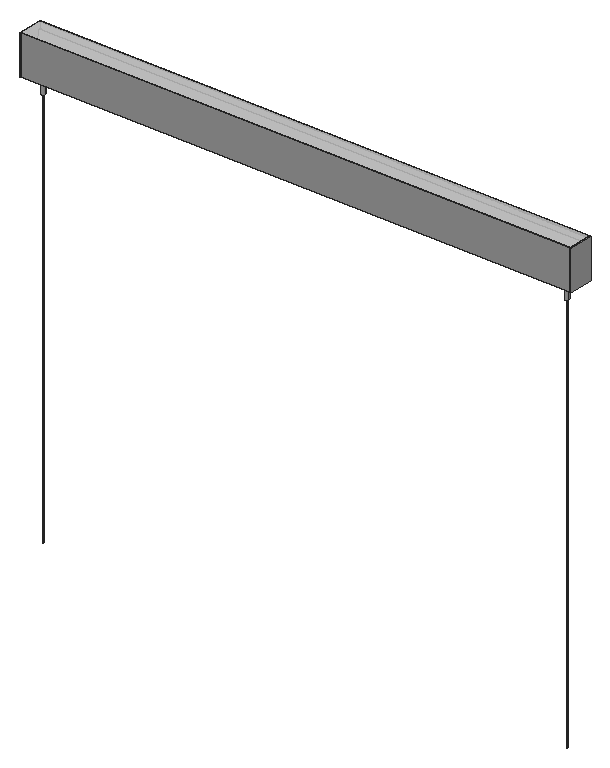
Revit family "2093148 Sylvania Lighting Fixture MC2-KIT 1-2M 3K DALIEM WHT OPAL", category Lighting Fixtures, host Face, Revit 2016
Family settings
  Host = Face
  Part Type = Normal
  Round Connector Dimension = Use Diameter
  OmniClass Number = 23.80.70.11.17
  OmniClass Title = Specialized Lighting by Location or Use
  Cut with Voids When Loaded = No
  Light Source = Yes
  Shared = No
  Room Calculation Point = No
Parameters (values of type "2093148 MC2-KIT 1.2M 3K DALIEM WHT OPAL Emergency mode")
  Width_SYL = 54.0 mm
  Weight = "3.8 kg"
  Wattage = 23.97 W
  WarrantyStartDate [instance] = "n/a"
  WarrantyGuarantorParts = "n/a"
  WarrantyDurationUnit = "n/a"
  WarrantyDurationParts = "n/a"
  WarrantyDescription = "n/a"
  built-in parameter 1150110 = 1 (stored number, unit not read)
  Voltage = 0 V
  URL = "http://www.sylvania-lighting.com"
  TypeName = "MC2-KIT 1.2M 3K DALIEM WHT OPAL Emergency mode"
  built-in parameter 1114217 = 1 (stored number, unit not read)
  Tilt Angle = -90.00°
  built-in parameter 1150109 = 1 (stored number, unit not read)
  built-in parameter 1150134 = (empty or 0)
  built-in parameter 1150113 = 1 (stored number, unit not read)
  SerialNumber [instance] = "n/a"
  PowerFactor = 0.98
  PowerConsumption = "23.97 W"
  NominalWidth = 0.0 mm
  NominalLength = 1200.0 mm
  NominalHeight = 86.0 mm
  Name = "MC2-KIT 1.2M 3K DALIEM WHT OPAL Emergency mode"
  ModelReference = "MC2-KIT 1.2M 3K DALIEM WHT OPAL"
  ModelNumber = "2093148"
  Material_3_SYL = Metal_Sylvania_Mini Contiuum II_Silver
  Photometric Web File = "2093148EM.ies"
  Material_4_SYL = Metal_Sylvania_Mini Contiuum II_Silver
  MountingHeight_SYL [instance] = 1000.0 mm
  Material = "aluminium housing, polycarbonate diffuser"
  ManufacturerName = "Feilo Sylvania"
  LuminousEfficacy = "5.047 lm/W"
  LuminaireType = ""
  LightOutputRatio = "100"
  Length_SYL = 1200.0 mm
  LampsType = Lamp  # "LED"
  LampNominalLuminous = "121 lm"
  LampMacAdamStep = "3"
  LampColourTemperature = "3000 K"
  LampColourRenderingIndex = "80"
  Keynote = "16500"
  InstallationDate [instance] = "n/a"
  InputVoltage = "n/a"
  InputNominalFrequency = "n/a"
  IngressProtection = "IP20"
  ImpactProtectionIndex = "n/a"
  IfcExportType = "IfcLightFixtureType"
  IfcExportAs = "IfcLightFixtureType"
  Height_SYL = 86.0 mm
  ExpectedLife = 50000
  Emit from Rectangle Width = Width_SYL - 2.0 mm  # 52.0 mm
  Emit from Rectangle Length = Length_SYL  # 1200.0 mm
  Emit Shape Visible in Rendering = no
  ElectricShockClassification = "Class I"
  DurationUnit = "hours"
  DocumentationLiterature = "http://www.sylvania-lighting.com/product/en-int/products/2093148"
  DimmingControlOptions = "n/a"
  CreatedOn = "10/15/2018"
  CreatedBy = "@sylvania-lighting.com"
  built-in parameter 1114216 [instance] = 1 (stored number, unit not read)
  Model = "MC2-KIT 1.2M 3K DALIEM WHT OPAL"
  Manufacturer = "Feilo Sylvania"
  built-in parameter 1150105 = 9.6289 (stored number, unit not read)
  Lumens = 121 lm
  built-in parameter 1150115 = 1 (stored number, unit not read)
  built-in parameter 1150137 = (empty or 0)
  built-in parameter 1150139 = (empty or 0)
  built-in parameter 1150112 = 1 (stored number, unit not read)
  built-in parameter 1150114 = 1 (stored number, unit not read)
  Lamp = "LED"
  built-in parameter 1150132 = 2
  built-in parameter 1150102 = (empty or 0)
  built-in parameter 1150107 = 3000 (stored number, unit not read)
  built-in parameter 1150138 = (empty or 0)
  built-in parameter 1150106 = 0.096289 (stored number, unit not read)
  Material_1_SYL = Metal_Sylvania_Mini Continuum II_White
  built-in parameter 1150104 = 0.46897 (stored number, unit not read)
  Dimming Lamp Color Temperature Shift = <None>
  Material_2_SYL = Polycarbonate_Sylvania_Mini Continuum II_Opal_4000K
  Description = "2093148   MC2-KIT 1.2M 3K DALIEM WHT OPAL  Continuous lines of LED light, white RAL 9016, direct distribution, suspended kit version is pre-wired and supplied complete with end caps and suspension cables, compact and minimalist design based on the Golden Mean, ideal for offices, meeting rooms, corridors, education facilities, museums and libraries, extruded aluminium body, diffuser: opal, colour temperature: 3000K warm white, total system power: 24W, total fixture output: 2207lm, emergency output: 109lm, luminaire efficacy: 92lm/W, LOR: 100%, colour rendering: Ra >80, LED Chromacity: 1 step MacAdam ellipse, lifetime: 60,000 hours at 90% of the original output (L90), energy class: A++, A+, A, IR/UV free light source without heat radiation, operating voltage: 220-240V / 50-60Hz, drive current: 800mA, electronic driver, DALI dimmable, integral emergency: 3 hour maintained, electrical protection: CLASS I, IP20, suitable for internal environment only."
  Default Elevation = 0.0 mm
  Color Filter = 16777215
  built-in parameter 1140040 [instance] = 1
  BarCode [instance] = "n/a"
  built-in parameter 1114218 = 1 (stored number, unit not read)
  built-in parameter 1150133 = 10 (stored number, unit not read)
  AssetType = "Fixed"
  AssetIdentifier [instance] = "n/a"
  Assembly Code = "D5020200"
  Apparent Load = 23.97 VA
Types (2, lengths in mm): name | TypeName | Name | Photometric Web File | LuminousEfficacy | LampNominalLuminous | built-in parameter 1150105 | Lumens | built-in parameter 1150106 | built-in parameter 1150104
  2093148 MC2-KIT 1.2M 3K DALIEM WHT OPAL Emergency mode | "MC2-KIT 1.2M 3K DALIEM WHT OPAL Emergency mode" | "MC2-KIT 1.2M 3K DALIEM WHT OPAL Emergency mode" | "2093148EM.ies" | "5.047 lm/W" | "121 lm" | 9.6289 (stored number, unit not read) | 121 lm | 0.096289 (stored number, unit not read) | 0.46897 (stored number, unit not read)
  2093148 MC2-KIT 1.2M 3K DALIEM WHT OPAL | "MC2-KIT 1.2M 3K DALIEM WHT OPAL" | "MC2-KIT 1.2M 3K DALIEM WHT OPAL" | "2093148.ies" | "92 lm/W" | "2207 lm" | 175.49 (stored number, unit not read) | 2205.24 lm | 1.7549 (stored number, unit not read) | 8.5471 (stored number, unit not read)
Reference planes
  plane 1 "Center (Front/Back)": y = 0
  plane 2 "Bottom Fixtures": z = 0
  plane 3 "Center (Left/Right)": x = 0
  plane 4 "Fixture Left": x = -600
  plane 5 "Fixture Right": x = 600
  plane 6 "Fixture Bottom": z = 1000
  plane 7: z = 998
  plane 8: z = 996
  plane 9: z = 986.951
  plane 10: z = 956.951
  plane 11 "Fixture Top": z = 914
  plane 12 "Mounting Right": x = 572
  plane 13 "Mounting Left": x = -572
  plane 14: z = 879
  plane 15: y = 27
  plane 16: y = -27
  plane 17: y = -26
  plane 18: y = -25
  plane 19: y = 26
  plane 20: y = 25
  plane 21: y = 11
  plane 22: y = -11
  plane 23: y = 24
  plane 24: y = 22
  plane 25: y = -22
  plane 26: y = 15
  plane 27: y = -15
  plane 28 "Upper Diffuser Left": x = -450
  plane 29 "Upper Diffuser Right": x = 450
  plane 30: x = -602
  plane 31: x = 602
Forms (mm)
  Extrusion 1, solid, material "Metal_Sylvania_Mini Continuum II_White" <- "Material_1_SYL", detail levels fine
    sketch origin (0, 0, 520) x (0, 1, 0) y (0, 0, 1)
      loop
        line (27, 480) -> (26, 480) -> (26, 478) -> (25, 478) -> (25, 396) -> (13, 396) -> (13, 398) -> (-13, 398) -> (-13, 396) -> (-25, 396) -> (-25, 478) -> (-26, 478) -> (-26, 480) -> (-27, 480) -> (-27, 394) -> (-11, 394) -> (-11, 396) -> (11, 396) -> (11, 394) -> (27, 394) -> (27, 480)
    from -600 to 600
  Extrusion 2, solid, material "Polycarbonate_Sylvania_Mini Continuum II_Opal_4000K" <- "Material_2_SYL", detail levels fine
    sketch origin (0, 0, 520) x (0, 1, 0) y (0, 0, 1)
      loop
        line (-26, 480) -> (-26, 478) -> (26, 478) -> (26, 480) -> (-26, 480)
    from -600 to 600
  Extrusion 3, solid, material "Metal_Sylvania_Mini Contiuum II_Silver" <- "Material_3_SYL", detail levels fine
    sketch origin (0, 0, 520) x (0, 1, 0) y (0, 0, 1)
      loop
        line (22, 466.951) -> (20.973, 466.951) -> (14.206, 437.951) -> (11, 437.951) -> (11, 436.951) -> (15, 436.951) -> (22, 466.951)
      loop
        line (-15, 436.951) -> (-11, 436.951) -> (-11, 437.951) -> (-14.206, 437.951) -> (-20.973, 466.951) -> (-22, 466.951) -> (-15, 436.951)
    from -600 to 600
  Extrusion 4, solid, material "Metal_Sylvania_Mini Continuum II_White" <- "Material_1_SYL", detail levels coarse+medium
    sketch origin (0, 0, 520) x (0, 1, 0) y (0, 0, 1)
      loop
        line (-27, 480) -> (-27, 394) -> (27, 394) -> (27, 480) -> (-27, 480)
    from -600 to 600
  Extrusion 5, solid, material "Metal_Sylvania_Mini Contiuum II_Silver" <- "Material_4_SYL", detail levels fine
    sketch origin (0, 0, -86) x (-1, 0, 0) y (0, -1, 0)
      loop
        circle (572, 0) r 4
      loop
        circle (-572, 0) r 4
    from 965 to 1002
  Extrusion 6, solid, material "Metal_Sylvania_Mini Contiuum II_Silver" <- "Material_4_SYL", detail levels fine
    sketch origin (0, 0, -86) x (-1, 0, 0) y (0, -1, 0)
      loop
        circle (-572, 0) r 1
      loop
        circle (572, 0) r 1
    from 86 to 965
  Extrusion 7, solid, material "Metal_Sylvania_Mini Continuum II_White" <- "Material_1_SYL"
    sketch origin (-600, 171.684, 1219.2) x (0, 1, 0) y (0, 0, 1)
      loop
        line (-198.684, -305.2) -> (-144.684, -305.2) -> (-144.684, -219.2) -> (-198.684, -219.2) -> (-198.684, -305.2)
    from 0 to -2
  Extrusion 8, solid, material "Metal_Sylvania_Mini Continuum II_White" <- "Material_1_SYL"
    sketch origin (600, 171.684, 1219.2) x (0, 1, 0) y (0, 0, -1)
      loop
        line (-144.684, 219.2) -> (-144.684, 305.2) -> (-198.684, 305.2) -> (-198.684, 219.2) -> (-144.684, 219.2)
    from 0 to -2
Lines and regions (mm)
  Masking region 1
    outline origin (0, 0, -86) x (-1, 0, 0) y (0, -1, 0)
      loop
        line (600, -27) -> (600, 27) -> (-600, 27) -> (-600, -27) -> (600, -27)
  symbolic lines, detail levels fine
    curve 1: line (-600, 26, -86) -> (600, 26, -86)
    curve 2: line (-600, -26, -86) -> (600, -26, -86)
  model lines, detail levels coarse+medium
    curve 3: line (-572, 0, 914) -> (-572, 0, 0)
    curve 4: line (572, 0, 914) -> (572, 0, 0)
Dimensions and locks
  host sketch curve to plane 3 "Center (Left/Right)" to host sketch curve = 820.0 mm, 775.047 mm
  equal spacing: plane 4 "Fixture Left", plane 3 "Center (Left/Right)", plane 5 "Fixture Right"
  "Length_SYL": plane 4 "Fixture Left" to plane 5 "Fixture Right"
  plane 6 "Fixture Bottom" to plane 7 to plane 8 to plane 9 to plane 10 = 2.0 mm locked, 2.0 mm locked, 9.049 mm locked, 30.0 mm locked
  locked: Extrusion 1 sketch curve to Extrusion 1 sketch curve at 2
  locked: Extrusion 1 sketch curve to plane 11 "Fixture Top" at 2
  "Height_SYL": plane 6 "Fixture Bottom" to plane 11 "Fixture Top"
  locked: plane 12 "Mounting Right" to plane 5 "Fixture Right" at 28
  locked: plane 4 "Fixture Left" to plane 13 "Mounting Left" at 28
  locked: plane 11 "Fixture Top" to plane 14 at 35
  "MountingHeight_SYL": plane 6 "Fixture Bottom" to plane 2 "Bottom Fixtures"
  equal spacing: plane 15, plane 1 "Center (Front/Back)", plane 16
  "Width_SYL": plane 15 to plane 16
  plane 22 to plane 27 to plane 25 to plane 18 to plane 17 to plane 16 = 4.0 mm locked, 7.0 mm locked, 3.0 mm locked, 1.0 mm locked, 1.0 mm locked
  plane 15 to plane 19 to plane 20 to plane 23 to plane 24 to plane 26 to plane 21 = 1.0 mm locked, 1.0 mm locked, 1.0 mm locked, 2.0 mm locked, 7.0 mm locked, 4.0 mm locked
  locked: plane 4 "Fixture Left" to plane 28 "Upper Diffuser Left" at 150
  locked: plane 29 "Upper Diffuser Right" to plane 5 "Fixture Right" at 150
  equal spacing: plane 30, plane 3 "Center (Left/Right)", plane 31
  locked: plane 30 to plane 4 "Fixture Left" at 2
  aligned and locked: plane 2 "Bottom Fixtures" to host face
  aligned and locked: level to host face
  aligned and locked: plane 5 "Fixture Right" to curve 1
  aligned and locked: plane 4 "Fixture Left" to curve 1
  aligned and locked: plane 4 "Fixture Left" to curve 2
  aligned and locked: plane 5 "Fixture Right" to curve 2
  aligned and locked: Extrusion 1 sketch curve to plane 7
  aligned and locked: plane 6 "Fixture Bottom" to Extrusion 1 sketch curve  (x2)
  aligned and locked: plane 7 to Extrusion 1 sketch curve
  aligned and locked: Extrusion 1 to Extrusion 2 sketch curve
  aligned and locked: Extrusion 2 sketch curve to Extrusion 1  (x3)
  aligned and locked: Extrusion 3 sketch curve to plane 10
  aligned and locked: plane 9 to Extrusion 3 sketch curve
  aligned and locked: Extrusion 3 sketch curve to plane 9
  aligned and locked: Extrusion 4 sketch curve to plane 6 "Fixture Bottom"
  aligned and locked: Extrusion 4 to plane 4 "Fixture Left"
  aligned and locked: Extrusion 2 to plane 4 "Fixture Left"
  aligned and locked: Extrusion 3 to plane 4 "Fixture Left"
  aligned and locked: Extrusion 1 to plane 4 "Fixture Left"
  aligned and locked: Extrusion 4 to plane 5 "Fixture Right"
  aligned and locked: Extrusion 2 to plane 5 "Fixture Right"
  aligned and locked: Extrusion 3 to plane 5 "Fixture Right"
  aligned and locked: Extrusion 1 to plane 5 "Fixture Right"
  aligned and locked: plane 11 "Fixture Top" to Extrusion 4 sketch curve
  aligned and locked: Extrusion 1 sketch curve to plane 11 "Fixture Top"  (x2)
  aligned and locked: Extrusion 1 sketch curve to Extrusion 1 sketch curve
  aligned and locked: plane 6 "Fixture Bottom" to imposter light
  aligned and locked: plane 11 "Fixture Top" to curve 3
  aligned and locked: plane 2 "Bottom Fixtures" to curve 3
  aligned and locked: plane 11 "Fixture Top" to curve 4
  aligned and locked: plane 2 "Bottom Fixtures" to curve 4
  aligned and locked: curve 4 to plane 12 "Mounting Right"
  aligned and locked: curve 3 to plane 13 "Mounting Left"
  aligned and locked: Extrusion 5 to Extrusion 1
  aligned and locked: Extrusion 5 to plane 14
  aligned and locked: plane 14 to Extrusion 6
  aligned and locked: Extrusion 6 to level
  aligned and locked: plane 21 to Extrusion 3 sketch curve
  aligned and locked: Extrusion 3 sketch curve to plane 22
  aligned and locked: Extrusion 7 sketch curve to Extrusion 4  (x4)
  aligned and locked: Extrusion 7 to plane 30
  aligned and locked: plane 4 "Fixture Left" to Extrusion 7
  aligned and locked: Extrusion 8 sketch curve to Extrusion 4  (x4)
  aligned and locked: plane 31 to Extrusion 8
  aligned and locked: plane 5 "Fixture Right" to Extrusion 8
Automatic sketch dimensions
  host sketch curve to host sketch curve = 1047.463 mm
  plane 19 to curve 1 = 0.0 mm
  curve 2 to plane 17 = 0.0 mm
  Masking region 1 sketch curve to plane 5 "Fixture Right" = 0.0 mm
  Masking region 1 sketch curve to plane 4 "Fixture Left" = 0.0 mm
  plane 15 to Masking region 1 sketch curve = 0.0 mm
  Masking region 1 sketch curve to plane 16 = 0.0 mm
  Extrusion 1 sketch curve to plane 16 = 0.0 mm
  Extrusion 1 sketch curve to plane 17 = 0.0 mm
  Extrusion 1 sketch curve to plane 18 = 0.0 mm
  Extrusion 1 sketch curve to plane 22 = 0.0 mm
  Extrusion 1 sketch curve to plane 21 = 0.0 mm
  Extrusion 1 sketch curve to plane 20 = 0.0 mm
  Extrusion 1 sketch curve to plane 19 = 0.0 mm
  Extrusion 1 sketch curve to plane 15 = 0.0 mm
  plane 11 "Fixture Top" to Extrusion 1 sketch curve = 2.0 mm
  Extrusion 1 sketch curve to plane 22 = 2.0 mm
  Extrusion 1 sketch curve to plane 21 = 2.0 mm
  Extrusion 3 sketch curve to plane 25 = 0.0 mm
  Extrusion 3 sketch curve to plane 27 = 0.0 mm
  Extrusion 3 sketch curve to plane 26 = 0.0 mm
  Extrusion 3 sketch curve to plane 24 = 0.0 mm
  plane 10 to Extrusion 3 sketch curve = 1.0 mm
  Extrusion 3 sketch curve to Extrusion 3 sketch curve = 1.027 mm
  plane 27 to Extrusion 3 sketch curve = 0.794 mm
  plane 26 to Extrusion 3 sketch curve = 0.794 mm
  plane 24 to Extrusion 3 sketch curve = 1.027 mm
  Extrusion 4 sketch curve to plane 16 = 0.0 mm
  Extrusion 4 sketch curve to plane 15 = 0.0 mm
  plane 1 "Center (Front/Back)" to Extrusion 5 sketch curve = 0.0 mm  (x2)
  Extrusion 5 sketch curve to plane 12 "Mounting Right" = 0.0 mm
  Extrusion 5 sketch curve to plane 13 "Mounting Left" = 0.0 mm
  plane 1 "Center (Front/Back)" to Extrusion 6 sketch curve = 0.0 mm  (x2)
  Extrusion 6 sketch curve to plane 12 "Mounting Right" = 0.0 mm
  Extrusion 6 sketch curve to plane 13 "Mounting Left" = 0.0 mm
  Extrusion 3 sketch curve to Extrusion 3 sketch curve = 0.0 mm
  Extrusion 3 sketch curve to plane 10 = 0.0 mm
  radius of Extrusion 5 sketch curve = 4.0 mm  (x2)
  radius of Extrusion 6 sketch curve = 1.0 mm  (x2)
Connectors
  electrical at (600, 0, 949), driven by "Apparent Load"
    settings: on Extrusion 1, index 1, voltage 230 V, apparent load 0 VA, apparent load phase1 23.97 VA, apparent load phase2 0 VA, apparent load phase3 0 VA, power factor 1, load classification "Lighting", number of poles 1, system type 31, power factor state 1, is connector primary yes, connector utility no, sub classification motor no, connector description ""
